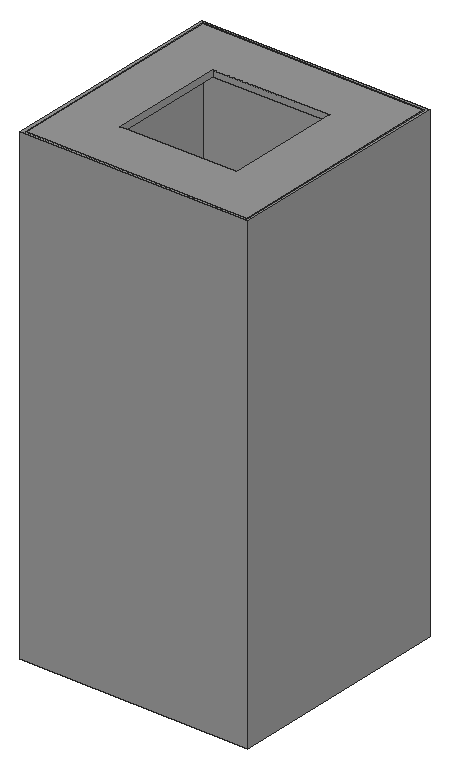
Revit family "Magnuson-Riga-Wate_Receptacle", category Furniture, Revit 2014
Parameters (values of type "RIGA-10")
  Width = Depth  # 9 3/16"
  URL = "www.magnusongroup.com"
  Type Comments = "RIGA"  # constant formula
  Top Open = 4 11/16"
  Top = UHMW, White
  Salvage or Reuse = yes
  Percentage of Recycled Content = 0
  Opn Frnt Dst = if(Open Front, 2", 1/2")  # 1/2"
  Open Top = yes
  Open Front = not(Open Top)  # no
  Model = "RIGA-10"
  Material = ""
  Manufacturer = "MAGNUSON GROUP"  # constant formula
  Low Emitting Material = yes
  Low Emitting Finish = yes
  Keynote = "12500"
  Height = 19 5/16"
  Glides = UHMW, Black
  Description = "Stainless Steel Waste Receptacle With Painted Top, 5.3 Gallons"
  Depth = 9 3/16"
  Body = Stainless Steel, Brushed
  Assembly Code = "E2020200"
Types (6): name | Width | Top Open | Opn Frnt Dst | Open Top | Open Front | Model | Height | Description | Depth
  (no name) | 9 3/16" | 4 11/16" | 1/2" | yes | no | "RIGA-10" | 19 5/16" | "Stainless Steel Waste Receptacle With Painted Top, 5.3 Gallons" | 9 3/16"
  RIGA-10 | 9 3/16" | 4 11/16" | 1/2" | yes | no | "RIGA-10" | 19 5/16" | "Stainless Steel Waste Receptacle With Painted Top, 5.3 Gallons" | 9 3/16"
  RIGA-20 | 9 3/16" | 4 11/16" | 1/2" | yes | no | "RIGA-20" | 27 15/16" | "Stainless Steel Waste Receptacle With Painted Top, 7.9 Gallons" | 9 3/16"
  RIGA-30 | 12 3/16" | 6 7/8" | 1/2" | yes | no | "RIGA-30" | 28 3/4" | "Stainless Steel Waste Receptacle With Painted Top, 13.2 Gallons" | 12 3/16"
  RIGA-40 | 13 3/4" | 6 7/8" | 1/2" | yes | no | "RIGA-40" | 29 15/16" | "Stainless Steel Waste Receptacle With Painted Top, 23.8 Gallons" | 13 3/4"
  RIGA-ASH | 9 13/16" | 5" | 2" | no | yes | "RIGA-40" | 27 15/16" | "Stainless Steel Waste Receptacle With Painted Top, 23.8 Gallons" | 9 13/16"
Reference planes (in)
  plane 1 "Center Front/Back": y = 0
  plane 2: z = 0
  plane 3 "Center Left/Right": x = 0
  plane 4: x = -4.59375
  plane 5: x = 4.59375
  plane 6: y = 4.59375
  plane 7: y = -4.59375
  plane 8: z = 19.3125
  plane 9: z = 0.25
  plane 10: z = 0.5
  plane 11: x = -3.59375
  plane 12: x = 3.59375
  plane 13: y = 3.59375
  plane 14: y = -3.59375
  plane 15: z = 19.0625
  plane 16: z = 17.0625
  plane 17: z = 9.98225
Forms (in)
  Extrusion 1, solid, material "Stainless Steel, Brushed" <- "Body"
    sketch origin (0, 0, 0) x (1, 0, 0) y (0, 1, 0)
      loop
        line (-4.59375, 4.59375) -> (-4.59375, -4.59375) -> (4.59375, -4.59375) -> (4.59375, 4.59375) -> (-4.59375, 4.59375)
      loop
        line (-4.46875, -4.46875) -> (4.46875, -4.46875) -> (4.46875, 4.46875) -> (-4.46875, 4.46875) -> (-4.46875, -4.46875)
    from 0.5 to 19.3125
  Extrusion 2, solid, material "Stainless Steel, Brushed" <- "Body"
    sketch origin (0, 0, 0) x (1, 0, 0) y (0, 1, 0)
      loop
        line (-4.59375, 4.59375) -> (-4.59375, -4.59375) -> (4.59375, -4.59375) -> (4.59375, 4.59375) -> (-4.59375, 4.59375)
    from 0.25 to 0.5
  Extrusion 3, solid, material "UHMW, Black" <- "Glides"
    sketch origin (0, 0, 0) x (1, 0, 0) y (0, 1, 0)
      loop
        circle (-3.59375, 3.59375) r 0.25
      loop
        circle (3.59375, 3.59375) r 0.25
      loop
        circle (-3.59375, -3.59375) r 0.25
      loop
        circle (3.59375, -3.59375) r 0.25
    from 0 to 0.25
  Extrusion 4, void
    sketch origin (0, 0, 0) x (1, 0, 0) y (0, 0, 1)
      loop
        line (-3.59375, 17.0625) -> (-3.59375, 9.98225) -> (3.59375, 9.98225) -> (3.59375, 17.0625) -> (-3.59375, 17.0625)
    from 3.59375 to 4.09375
Cuts and joins
  Extrusion 4 cuts Extrusion 1
  joined: Extrusion 1, Extrusion 2
Lines and regions (in)
  symbolic lines
    curve 1: line (-4.59375, 4.59375, 0) -> (4.59375, 4.59375, 0)
    curve 2: line (-4.59375, -4.59375, 0) -> (-4.59375, 4.59375, 0)
    curve 3: line (4.59375, -4.59375, 0) -> (-4.59375, -4.59375, 0)
    curve 4: line (4.59375, 4.59375, 0) -> (4.59375, -4.59375, 0)
Dimensions and locks (in)
  equal spacing: plane 4, plane 3 "Center Left/Right", plane 5
  "Width": plane 4 to plane 5
  equal spacing: plane 7, plane 1 "Center Front/Back", plane 6
  "Depth": plane 7 to plane 6
  "Height": plane 8 to level
  locked: plane 4 to Extrusion 1 sketch curve at 0.125
  locked: Extrusion 1 sketch curve to plane 5 at 0.125
  locked: plane 7 to Extrusion 1 sketch curve at 0.125
  locked: plane 6 to Extrusion 1 sketch curve at 0.125
  plane 10 to plane 9 to level = 1/4" locked, 1/4" locked
  locked: plane 4 to plane 11 at 1
  locked: plane 12 to plane 5 at 1
  locked: plane 14 to plane 7 at 1
  locked: plane 6 to plane 13 at 1
  locked: plane 8 to plane 15 at 0.25
  locked: plane 16 to plane 17 at 7.08025
  locked: plane 8 to plane 16 at 2.25
  "Opn Frnt Dst": plane 14 to Extrusion 4
  aligned and locked: level to plane 2
  aligned and locked: Extrusion 1 sketch curve to plane 6
  aligned and locked: plane 4 to Extrusion 1 sketch curve
  aligned and locked: Extrusion 1 sketch curve to plane 7
  aligned and locked: Extrusion 1 sketch curve to plane 5
  aligned and locked: Extrusion 1 to plane 10
  aligned and locked: Extrusion 2 to plane 9
  aligned and locked: Extrusion 2 to Extrusion 1
  aligned and locked: plane 6 to Extrusion 2
  aligned and locked: plane 5 to Extrusion 2
  aligned and locked: plane 7 to Extrusion 2
  aligned and locked: Extrusion 2 to plane 4
  aligned and locked: plane 8 to Extrusion 1
  aligned and locked: plane 11 to Extrusion 3 sketch curve  (x2)
  aligned and locked: plane 13 to Extrusion 3 sketch curve  (x2)
  aligned and locked: plane 12 to Extrusion 3 sketch curve  (x2)
  aligned and locked: plane 14 to Extrusion 3 sketch curve  (x2)
  aligned and locked: plane 9 to Extrusion 3
  aligned and locked: Extrusion 3 to level
  aligned and locked: curve 1 to cut or joined group of Extrusion 1, Extrusion 2, Extrusion 4
  aligned and locked: curve 2 to cut or joined group of Extrusion 1, Extrusion 2, Extrusion 4
  aligned and locked: curve 3 to cut or joined group of Extrusion 1, Extrusion 2, Extrusion 4
  aligned and locked: curve 4 to cut or joined group of Extrusion 1, Extrusion 2, Extrusion 4
  aligned and locked: plane 3 "Center Left/Right" to nested 1
  aligned and locked: plane 1 "Center Front/Back" to nested 1
  aligned and locked: Extrusion 4 sketch curve to plane 16
  aligned and locked: plane 11 to Extrusion 4 sketch curve
  aligned and locked: plane 17 to Extrusion 4 sketch curve
  aligned and locked: plane 12 to Extrusion 4 sketch curve
  aligned and locked: plane 14 to Extrusion 4
Automatic sketch dimensions
  plane 3 "Center Left/Right" to Extrusion 2 sketch curve = 4 19/32"
  Extrusion 2 sketch curve to plane 4 = 0"
  plane 7 to Extrusion 2 sketch curve = 0"
  Extrusion 2 sketch curve to plane 6 = 0"
  radius of Extrusion 3 sketch curve = 1/4"  (x4)
Nested families (in)
  nested 1: "top" at (0, 0, 0), Top Open <- "Top Open", Open Top <- "Open Top", Frnt Top <- "Open Front", Top <- "Top", Height <- "Height", Depth <- "Depth", type "Tp"
    with Width 9 3/16", Top Open 4 11/16", Top UHMW, White, Open Top yes, Height 19 5/16", Frnt Top no, Depth 9 3/16"
Definition of nested family "top"
  Parameters (values of type "Tp")
    Width [instance] = Depth  # 9 13/16"
    URL = ""
    Type Comments = ""
    Top Open [instance] = 4 11/16"
    Top [instance] = none
    Open Top [instance] = yes
    Model = ""
    Manufacturer = ""
    Keynote = ""
    Height [instance] = 19 5/16"
    Frnt Top [instance] = yes
    Description = ""
    Depth [instance] = 9 13/16"
    Assembly Code = ""
  Reference planes (in)
    plane 1 "Center Front/Back": y = 0
    plane 2: z = 0
    plane 3 "Center Left/Right": x = 0
    plane 4: x = -4.90625
    plane 5: x = 4.90625
    plane 6: y = 4.90625
    plane 7: y = -4.90625
    plane 8: z = 19.3125
    plane 9: x = -2.34375
    plane 10: x = 2.34375
    plane 11: y = -2.34375
    plane 12: y = 2.34375
    plane 13: z = 19.0625
  Forms (in)
    Extrusion 1, solid, material <- "Top", visible <- "Open Top"
      sketch origin (0, 0, 0) x (1, 0, 0) y (0, 1, 0)
        loop
          line (-4.78125, 4.78125) -> (-4.78125, -4.78125) -> (4.78125, -4.78125) -> (4.78125, 4.78125) -> (-4.78125, 4.78125)
        loop
          line (-2.34375, 2.34375) -> (-2.34375, -2.34375) -> (2.34375, -2.34375) -> (2.34375, 2.34375) -> (-2.34375, 2.34375)
      from 19.0625 to 19.3125
    Extrusion 2, solid, material <- "Top", visible <- "Frnt Top"
      sketch origin (0, 0, 0) x (0, 1, 0) y (0, 0, 1)
        loop
          line (4.78125, 19.144) -> (4.24264, 18.60539) -> (3.53553, 19.3125) -> (2.82843, 18.60539) -> (2.12132, 19.3125) -> (1.41421, 18.60539) -> (0.70711, 19.3125) -> (0, 18.60539) -> (-0.70711, 19.3125) -> (-1.41421, 18.60539) -> (-2.12132, 19.3125) -> (-2.82843, 18.60539) -> (-3.53553, 19.3125) -> (-4.24264, 18.60539) -> (-4.78125, 19.144) -> (-4.78125, 18.96723) -> (-4.24264, 18.42862) -> (-3.53553, 19.13572) -> (-2.82843, 18.42862) -> (-2.12132, 19.13572) -> (-1.41421, 18.42862) -> (-0.70711, 19.13572) -> (0, 18.42862) -> (0.70711, 19.13572) -> (1.41421, 18.42862) -> (2.12132, 19.13572) -> (2.82843, 18.42862) -> (3.53553, 19.13572) -> (4.24264, 18.42862) -> (4.78125, 18.96723) -> (4.78125, 19.144)
      from -4.78125 to 4.78125
  Lines and regions (in)
    symbolic lines, visible <- "Open Top"
      curve 1: line (-2.34375, 2.34375, 0) -> (2.34375, 2.34375, 0)
      curve 2: line (-2.34375, -2.34375, 0) -> (-2.34375, 2.34375, 0)
      curve 3: line (2.34375, -2.34375, 0) -> (-2.34375, -2.34375, 0)
      curve 4: line (2.34375, 2.34375, 0) -> (2.34375, -2.34375, 0)
    symbolic lines, visible <- "Frnt Top", detail levels medium+fine
      curve 5: line (-4.78125, 4.24264, 0) -> (4.78125, 4.24264, 0)
      curve 6: line (-4.78125, 3.53553, 0) -> (4.78125, 3.53553, 0)
      curve 7: line (-4.78125, 2.82843, 0) -> (4.78125, 2.82843, 0)
      curve 8: line (-4.78125, 2.12132, 0) -> (4.78125, 2.12132, 0)
      curve 9: line (-4.78125, 1.41421, 0) -> (4.78125, 1.41421, 0)
      curve 10: line (-4.78125, 0.70711, 0) -> (4.78125, 0.70711, 0)
      curve 11: line (-4.78125, 0, 0) -> (4.78125, 0, 0)
      curve 12: line (-4.78125, -0.70711, 0) -> (4.78125, -0.70711, 0)
      curve 13: line (-4.78125, -1.41421, 0) -> (4.78125, -1.41421, 0)
      curve 14: line (-4.78125, -2.12132, 0) -> (4.78125, -2.12132, 0)
      curve 15: line (-4.78125, -2.82843, 0) -> (4.78125, -2.82843, 0)
      curve 16: line (-4.78125, -3.53553, 0) -> (4.78125, -3.53553, 0)
      curve 17: line (-4.78125, -4.24264, 0) -> (4.78125, -4.24264, 0)
  Dimensions and locks (in)
    equal spacing: plane 4, plane 3 "Center Left/Right", plane 5
    "Width": plane 4 to plane 5
    equal spacing: plane 7, plane 1 "Center Front/Back", plane 6
    "Depth": plane 7 to plane 6
    "Height": plane 8 to level
    equal spacing: plane 9, plane 3 "Center Left/Right", plane 10
    "Top Open": plane 9 to plane 10
    equal spacing: plane 12, plane 1 "Center Front/Back", plane 11
    "Top Open": plane 12 to plane 11
    locked: plane 8 to plane 13 at 0.25
    locked: plane 4 to Extrusion 1 at 0.125
    locked: Extrusion 1 to plane 5 at 0.125
    locked: plane 6 to Extrusion 1 at 0.125
    locked: plane 7 to Extrusion 1 at 0.125
    locked: Extrusion 2 to Extrusion 2 at 9.5625
    Extrusion 2 sketch curve to Extrusion 2 sketch curve to Extrusion 2 sketch curve to Extrusion 2 sketch curve to Extrusion 2 sketch curve to Extrusion 2 sketch curve to Extrusion 2 sketch curve to Extrusion 2 sketch curve to Extrusion 2 sketch curve to Extrusion 2 sketch curve to Extrusion 2 sketch curve to Extrusion 2 sketch curve to Extrusion 2 sketch curve to Extrusion 2 sketch curve to Extrusion 2 sketch curve = 0.53861" locked, 0.70711" locked, 0.70711" locked, 0.70711" locked, 0.70711" locked, 0.70711" locked, 0.70711" locked, 0.70711" locked, 0.70711" locked, 0.70711" locked, 0.70711" locked, 0.70711" locked, 0.70711" locked, 0.53861" locked
    aligned and locked: level to plane 2
    aligned and locked: plane 11 to Extrusion 1 sketch curve
    aligned and locked: Extrusion 1 sketch curve to plane 9
    aligned and locked: plane 12 to Extrusion 1 sketch curve
    aligned and locked: Extrusion 1 sketch curve to plane 10
    aligned and locked: plane 8 to Extrusion 1
    aligned and locked: Extrusion 1 to plane 13
    aligned and locked: curve 1 to Extrusion 1
    aligned and locked: curve 2 to Extrusion 1
    aligned and locked: curve 3 to Extrusion 1
    aligned and locked: curve 4 to Extrusion 1
  Automatic sketch dimensions
    plane 4 to Extrusion 1 sketch curve = 1/8"
    Extrusion 1 sketch curve to plane 5 = 1/8"
    Extrusion 1 sketch curve to plane 7 = 1/8"
    Extrusion 1 sketch curve to plane 6 = 1/8"
    Extrusion 2 sketch curve to plane 1 "Center Front/Back" = 0"  (x2)
    Extrusion 2 sketch curve to plane 8 = 0"  (x2)
    Extrusion 2 sketch curve to plane 13 = 0.09527"
    Extrusion 2 sketch curve to Extrusion 2 sketch curve = 0"  (x12)
    plane 13 to Extrusion 2 sketch curve = 0.07322"
    plane 1 "Center Front/Back" to curve 11 = 0"
    plane 4 to curve 7 = 1/8"
    plane 4 to curve 8 = 1/8"
    plane 4 to curve 6 = 1/8"
    plane 4 to curve 17 = 1/8"
    plane 4 to curve 5 = 1/8"
    plane 4 to curve 10 = 1/8"
    plane 4 to curve 11 = 1/8"
    plane 4 to curve 12 = 1/8"
    plane 4 to curve 13 = 1/8"
    plane 4 to curve 14 = 1/8"
    plane 4 to curve 15 = 1/8"
    plane 4 to curve 16 = 1/8"
    plane 4 to curve 9 = 1/8"
    curve 11 to plane 5 = 1/8"
    curve 5 to plane 5 = 1/8"
    curve 12 to plane 5 = 1/8"
    curve 10 to plane 5 = 1/8"
    curve 13 to plane 5 = 1/8"
    curve 8 to plane 5 = 1/8"
    curve 14 to plane 5 = 1/8"
    curve 6 to plane 5 = 1/8"
    curve 15 to plane 5 = 1/8"
    curve 9 to plane 5 = 1/8"
    curve 16 to plane 5 = 1/8"
    curve 7 to plane 5 = 1/8"
    curve 17 to plane 5 = 1/8"
    curve 15 to plane 11 = 0.48468"
    curve 16 to curve 15 = 0.70711"
    curve 17 to plane 7 = 0.66361"
    plane 11 to curve 14 = 0.22243"
    curve 14 to curve 13 = 0.70711"
    curve 13 to curve 12 = 0.70711"
    curve 10 to plane 1 "Center Front/Back" = 0.70711"
    curve 10 to curve 9 = 0.70711"
    plane 12 to curve 8 = 0.22243"
    curve 7 to plane 12 = 0.48468"
    curve 7 to curve 6 = 0.70711"
    curve 5 to plane 6 = 0.66361"
